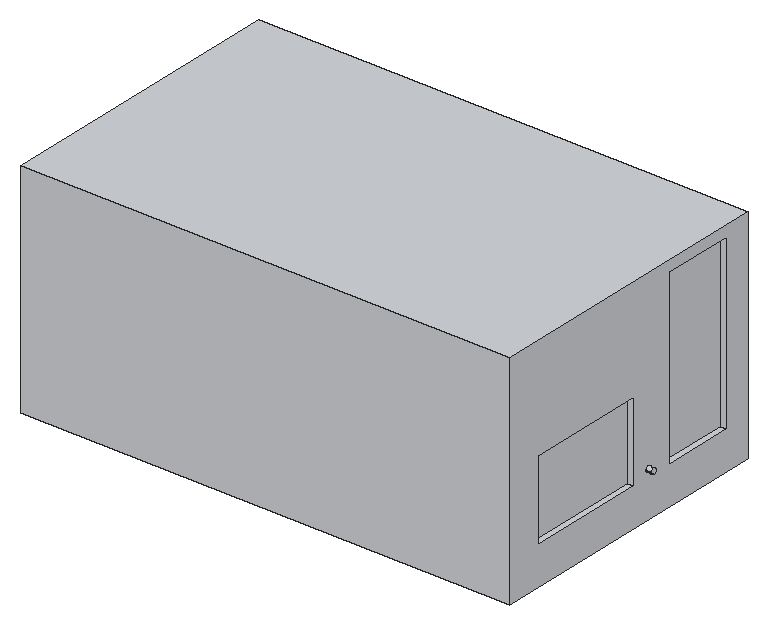
Revit family "660ea8d56f2d40748ec30415e5a2af59", category Mechanical Equipment, Revit 2021
Family settings
  Round Connector Dimension = Use Radius
  Part Type = Normal
  OmniClass Number = 23.75.10.24.21.27.14
  OmniClass Title = Packaged Rooftop Air Conditioning Units
  Seek Item ID = Rooftop AC Unit - 3-12.5 Tons - Side Connection-0000-USA-ENU
  Work Plane-Based = No
  Always vertical = Yes
  Cut with Voids When Loaded = No
  Shared = No
  Room Calculation Point = No
Parameters (values of type "4 Ton")
  Voltage [instance] = 460 V  # constant formula
  UnitWidth = 6' - 1 11/16"
  UnitHeight = 2' - 9 5/16"
  UnitDepth = 3' - 9"
  Supply/Return Symbols [instance] = yes
  PartShape = "Rectangular Duct"
  Number of Poles [instance] = 3
  Min Flow = 1200
  Max Flow = 2000
  Model = ""
  SupplyZOffset = 0' - 5 3/4"
  SupplyYOffset = 0' - 5 7/16"
  SupplyWidth = 1' - 6"
  SupplyHeight = 1' - 0"
  ReturnZOffset = 0' - 5 3/4"
  ReturnYOffset = 0' - 4 1/16"
  ReturnWidth = 0' - 11"
  ReturnHeight = 2' - 2"
  Load Classification = Cooling
  External Static Pressure [instance] = 0.70 in-wg
  Drain Radius = 3/8"
  Drain Offset 1 = 2' - 1 15/16"
  Drain Flow [instance] = 0 GPM
  Default Elevation = 0' - 0"
  ConnectionOffset = 0' - 1"
  Assembly Code = ""
  Apparent Load [instance] = 5000 VA
  AirFlow - Supply [instance] = 1600 CFM
  AirFlow - Return [instance] = 1600 CFM
Types (8): name | UnitWidth | UnitHeight | UnitDepth | Min Flow | Max Flow | SupplyWidth | SupplyHeight | ReturnYOffset | ReturnWidth | ReturnHeight | External Static Pressure | Drain Offset 1 | Apparent Load | AirFlow - Supply | AirFlow - Return
  4 Ton | 6' - 1 11/16" | 2' - 9 5/16" | 3' - 9" | 1200 | 2000 | 1' - 6" | 1' - 0" | 0' - 4 1/16" | 0' - 11" | 2' - 2" | 0.70 in-wg | 2' - 1 15/16" | 5000 VA | 1600 CFM | 1600 CFM
  3 Ton | 6' - 1 11/16" | 2' - 9 5/16" | 3' - 9" | 900 | 1500 | 1' - 6" | 1' - 0" | 0' - 4 1/16" | 0' - 11" | 2' - 2" | 0.58 in-wg | 2' - 1 15/16" | 3000 VA | 1200 CFM | 1200 CFM
  7.5 Ton | 7' - 3 3/8" | 3' - 5 5/16" | 4' - 9 3/4" | 2250 | 3750 | 2' - 5" | 1' - 2" | 0' - 4" | 1' - 1" | 2' - 10" | 0.40 in-wg | 3' - 1" | 7700 VA | 3000 CFM | 3000 CFM
  8.5 Ton | 7' - 3 3/8" | 3' - 5 5/16" | 4' - 9 3/4" | 2550 | 4250 | 2' - 5" | 1' - 2" | 0' - 4" | 1' - 1" | 2' - 10" | 0.20 in-wg | 3' - 1" | 9100 VA | 3400 CFM | 3400 CFM
  10 Ton | 7' - 3 3/8" | 4' - 1 5/16" | 4' - 9 3/4" | 3000 | 5000 | 2' - 5" | 1' - 2" | 0' - 4" | 1' - 1" | 3' - 1" | 0.20 in-wg | 3' - 1" | 9200 VA | 4000 CFM | 4000 CFM
  12.5 Ton | 7' - 3 3/8" | 4' - 1 5/16" | 4' - 9 3/4" | 3750 | 6250 | 2' - 5" | 1' - 2" | 0' - 4" | 1' - 1" | 3' - 1" | 0.20 in-wg | 3' - 1" | 11100 VA | 5000 CFM | 5000 CFM
  5 Ton | 6' - 1 11/16" | 2' - 9 5/16" | 3' - 9" | 1500 | 2500 | 1' - 6" | 1' - 0" | 0' - 4 1/16" | 0' - 11" | 2' - 2" | 0.47 in-wg | 2' - 1 15/16" | 5200 VA | 2000 CFM | 2000 CFM
  6 Ton | 6' - 1 11/16" | 3' - 5 5/16" | 3' - 9" | 1800 | 3000 | 1' - 6" | 1' - 0" | 0' - 4 1/16" | 0' - 11" | 2' - 2" | 0.40 in-wg | 2' - 1 15/16" | 6000 VA | 2400 CFM | 2400 CFM
Reference planes (in)
  plane 1 "Center (Front/Back)": y = 0
  plane 2: z = 0
  plane 3 "Center (Left/Right)": x = 0
  plane 4 "Bottom Connection": z = 1
  plane 5 "Side Connection": x = -1
  plane 6: z = 7
  plane 7: y = 25.9375
  plane 8: x = 1
Forms (in)
  Extrusion 1, solid
    sketch origin (0, 0, 10.81641) x (0, -1, 0) y (1, 0, 0)
      loop
        line (0, 0) -> (-45, 0) -> (-45, -73.6875) -> (0, -73.6875) -> (0, 0)
    from -10.81641 to 22.49609
  Extrusion 2, void
    sketch origin (0, 0, 0) x (0, 1, 0) y (0, 0, 1)
      loop
        line (29.9375, 31.75) -> (29.9375, 5.75) -> (40.9375, 5.75) -> (40.9375, 31.75) -> (29.9375, 31.75)
    from 0 to -1
  Extrusion 3, void
    sketch origin (0, 0, 0) x (0, 1, 0) y (0, 0, 1)
      loop
        line (5.4375, 17.75) -> (5.4375, 5.75) -> (23.4375, 5.75) -> (23.4375, 17.75) -> (5.4375, 17.75)
    from 0 to -1
  Extrusion 4, solid
    sketch origin (0, 0, 0) x (0, 1, 0) y (0, 0, 1)
      loop
        circle (25.9375, 7) r 0.375
    from 0 to 1
Cuts and joins
  Extrusion 2, Extrusion 3 cuts Extrusion 1
Lines and regions (in)
  symbolic lines, visible <- "Supply/Return Symbols"
    curve 1: line (-1, 23.4375, 17.75) -> (-1, 5.4375, 17.75)
    curve 2: line (-1, 23.4375, 5.75) -> (-1, 23.4375, 17.75)
    curve 3: line (-1, 5.4375, 5.75) -> (-1, 23.4375, 5.75)
    curve 4: line (-1, 5.4375, 17.75) -> (-1, 5.4375, 5.75)
    curve 5: line (-1, 23.4375, 17.75) -> (-1, 5.4375, 5.75)
    curve 6: line (-1, 5.4375, 17.75) -> (-1, 23.4375, 5.75)
    curve 7: line (-1, 40.9375, 31.75) -> (-1, 29.9375, 31.75)
    curve 8: line (-1, 40.9375, 5.75) -> (-1, 40.9375, 31.75)
    curve 9: line (-1, 29.9375, 5.75) -> (-1, 40.9375, 5.75)
    curve 10: line (-1, 29.9375, 31.75) -> (-1, 29.9375, 5.75)
    curve 11: line (-1, 40.9375, 31.75) -> (-1, 29.9375, 5.75)
Dimensions and locks (in)
  "UnitWidth": Extrusion 1 sketch curve to plane 3 "Center (Left/Right)"
  "UnitDepth": plane 1 "Center (Front/Back)" to Extrusion 1 sketch curve
  "UnitHeight": cut or joined group of Extrusion 1, Extrusion 2, Extrusion 3 to cut or joined group of Extrusion 1, Extrusion 2, Extrusion 3
  "ReturnYOffset": Extrusion 2 sketch curve to cut or joined group of Extrusion 1, Extrusion 2, Extrusion 3
  "ReturnWidth": Extrusion 2 sketch curve to Extrusion 2 sketch curve
  "ReturnHeight": Extrusion 2 sketch curve to Extrusion 2 sketch curve
  "ReturnZOffset": Extrusion 2 sketch curve to plane 2
  "SupplyZOffset": Extrusion 3 sketch curve to plane 2
  "SupplyHeight": Extrusion 3 sketch curve to Extrusion 3 sketch curve
  "SupplyYOffset": plane 1 "Center (Front/Back)" to Extrusion 3 sketch curve
  "SupplyWidth": Extrusion 3 sketch curve to Extrusion 3 sketch curve
  "ConnectionOffset": plane 4 "Bottom Connection" to level
  "ConnectionOffset": plane 3 "Center (Left/Right)" to plane 5 "Side Connection"
  plane 6 to plane 2 = 0' - 7"
  "Drain Offset 1": plane 1 "Center (Front/Back)" to plane 7
  locked: plane 3 "Center (Left/Right)" to plane 8 at 1
  "Drain Radius": radius of Extrusion 4 sketch curve
  aligned and locked: plane 3 "Center (Left/Right)" to Extrusion 1 sketch curve
  aligned and locked: plane 1 "Center (Front/Back)" to Extrusion 1 sketch curve
  aligned and locked: Extrusion 1 to level
  aligned and locked: curve 1 to cut or joined group of Extrusion 1, Extrusion 2, Extrusion 3
  aligned and locked: curve 2 to cut or joined group of Extrusion 1, Extrusion 2, Extrusion 3
  aligned and locked: curve 3 to cut or joined group of Extrusion 1, Extrusion 2, Extrusion 3
  aligned and locked: curve 4 to cut or joined group of Extrusion 1, Extrusion 2, Extrusion 3
  aligned and locked: curve 7 to cut or joined group of Extrusion 1, Extrusion 2, Extrusion 3
  aligned and locked: curve 8 to cut or joined group of Extrusion 1, Extrusion 2, Extrusion 3
  aligned and locked: curve 9 to cut or joined group of Extrusion 1, Extrusion 2, Extrusion 3
  aligned and locked: curve 10 to cut or joined group of Extrusion 1, Extrusion 2, Extrusion 3
  aligned and locked: plane 7 to Extrusion 4 sketch curve
  aligned and locked: plane 6 to Extrusion 4 sketch curve
  aligned and locked: Extrusion 4 to plane 3 "Center (Left/Right)"
  aligned and locked: Extrusion 4 to plane 8
Connectors (in)
  hvac at (-1, 14.4375, 11.75), driven by "SupplyHeight", driven by "SupplyWidth", driven by "AirFlow - Supply"
    settings: on cut or joined group of Extrusion 1, Extrusion 2, Extrusion 3, index 0, duct flow 1600 CFM, flow factor 0, pres drop 0.00 in-wg, loss coef 0, conn angle 0.00°, conn width 18", conn height 12", conn diameter 24", duct sys type 1, conn prof type 1, flow config 0, flow direction 2, loss method 0, conn ref index 1, conn util no, is conn primary yes, conn desc ""
  hvac at (-1, 35.4375, 18.75), driven by "ReturnHeight", driven by "ReturnWidth", driven by "AirFlow - Return"
    settings: on cut or joined group of Extrusion 1, Extrusion 2, Extrusion 3, index 1, duct flow 1600 CFM, flow factor 0, pres drop 0.00 in-wg, loss coef 0, conn angle 0.00°, conn width 11", conn height 26", conn diameter 24", duct sys type 2, conn prof type 1, flow config 0, flow direction 1, loss method 0, conn ref index 0, conn util no, is conn primary no, conn desc ""
  electrical at (-73.6875, 22.5, 16.65625), driven by "Apparent Load", driven by "Number of Poles", driven by "Voltage", driven by "Load Classification"
    settings: on cut or joined group of Extrusion 1, Extrusion 2, Extrusion 3, index 2, voltage 460 V, apparent load 5000 VA, apparent load phase1 11100 VA, apparent load phase2 0 VA, apparent load phase3 0 VA, power factor 0.8, load classification "Cooling", number of poles 3, system type 30, power factor state 1, is connector primary yes, connector utility no, sub classification motor no, connector description ""
  piping at (1, 25.9375, 7), diameter 0.75, driven by "Drain Flow", driven by "Drain Radius"
    settings: on Extrusion 4, index 3, connector inside diameter 3/4", connector length 0' - 0", flow factor 0, pipe flow 0 GPM, pressure drop 0.00 psi, fitting loss kfactor 0, connector angle 0.00°, fixture units 0, engagement length 0' - 0", angle of deflection 0.00°, flow configuration 1, flow direction 2, fitting loss method 0, system type 16, joint type 0, gender type 0, connector reference index -1, connector utility 0, adjustable connector yes, is connector primary yes, connector description ""
